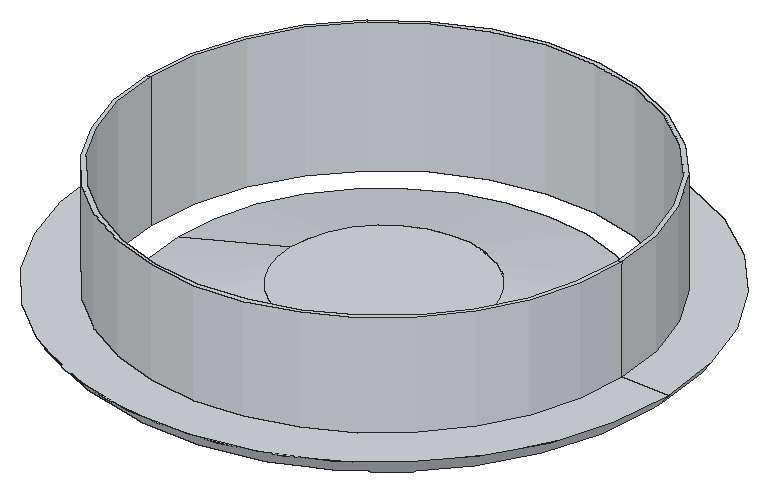
Revit family "Дифузор_круглий_витяжний", category Air Terminals, Revit 2020
Family settings
  Round Connector Dimension = Use Radius
  Part Type = Normal
  OmniClass Number = 23.75.70.21.27.11
  OmniClass Title = Diffusers, Registers, and Grilles
  Work Plane-Based = No
  Always vertical = Yes
  Cut with Voids When Loaded = No
  Shared = No
  Room Calculation Point = No
Parameters (values of type "ø250")
  Радиус подключения = Диаметр подключения / 2  # 125 mm
  Радиус вставки = Радиус подключения - 15 mm  # 110 mm
  Keynote = ""
  Отступ стрелки = Наружный радиус * 2 + 30 mm  # 330 mm
  Description = ""
  Наружный радиус = Радиус подключения + 25 mm  # 150 mm
  Model = ""
  Min Flow = 0.0 m³/h
  Max Flow = 170.0 m³/h
  Type Comments = ""
  Default Elevation = 0 mm
  Assembly Code = ""
  Manufacturer = ""
  Диаметр подключения = 250 mm
  ADSK_Расход воздуха [instance] = 0.0 m³/h
  ADSK_Потеря давления воздуха [instance] = 15.0 Pa
  ADSK_Наименование краткое = "Диффузор ø250мм."
  ADSK_Наименование = "Пластиковый диффузор ø250мм."
  ADSK_Масса_Текст = ""
  ADSK_Марка = ""
  ADSK_Количество = 1  # constant formula
  ADSK_Код изделия = ""
  ADSK_Завод-изготовитель = ""
  ADSK_Единица измерения = "шт."
Types (5, lengths in mm): name | Радиус подключения | Радиус вставки | Отступ стрелки | Наружный радиус | Диаметр подключения | ADSK_Наименование краткое | ADSK_Наименование | ADSK_Марка
  ø250 | 125 | 110 | 330 | 150 | 250 | "Диффузор ø250мм." | "Пластиковый диффузор ø250мм." | ""
  ø200 | 100 | 85 | 280 | 125 | 200 | "Диффузор ø200мм." | "Пластиковый диффузор ø200мм." | ""
  ø160 | 80 | 65 | 240 | 105 | 160 | "Диффузор ø160мм." | "Пластиковый диффузор ø160мм." | ""
  ø125 | 62.5 | 47.5 | 205 | 87.5 | 125 | "Диффузор ø125мм." | "Пластиковый диффузор ø125мм." | ""
  ø100 | 50 | 35 | 180 | 75 | 100 | "Диффузор ø100мм." | "Пластиковый диффузор ø100мм." | "KW-100"
Reference planes
  plane 1 "По центру (Вперед/Назад)": y = 0
  plane 2: z = 0
  plane 3 "По центру (Влево/Вправо)": x = 0
  plane 4 "Верх": z = 55
  plane 5 "низ": z = -16
Forms (mm)
  Revolve 1, solid, detail levels medium+fine
    sketch origin (-65, 0, 0) x (1, 0, 0) y (0, 0, 1)
      loop
        line (-60, -16) -> (-60, 55) -> (-62, 55) -> (-62, 0) -> (-87, 0)
        arc (-87, 0) -> (-75.4, -11.207) -> (-60, -16) r 34.892
      axis (65, 55) -> (65, -16)
    angle from 0 to 360
  Blend 2, solid, detail levels medium+fine
    base sketch origin (0, 0, -16) x (-1, 0, 0) y (0, -1, 0)
      loop
        circle (0, 0) r 110
    top sketch origin (0, 0, -16) x (-1, 0, 0) y (0, -1, 0)
      loop
        circle (0, 0) r 50
    from 0 to 16
Lines and regions (mm)
  model lines
    curve 1: circle (0, 0, 0) r 125 normal (0, 0, 1)
  model lines, detail levels coarse+medium
    curve 2: circle (0, 0, 0) r 150 normal (0, 0, 1)
Dimensions and locks
  level to plane 5 "низ" = 16 mm
  "Радиус подключения": Revolve 1 sketch curve to Revolve 1 sketch curve
  locked: Revolve 1 sketch curve to Revolve 1 sketch curve at 2
  "Радиус подключения": plane 3 "По центру (Влево/Вправо)" to Revolve 1
  locked: level to plane 4 "Верх" at 55
  locked: level to plane 5 "низ" at 16
  "Радиус вставки": radius of Blend 2 sketch curve
  "Радиус подключения": radius of curve 1
  "Наружный радиус": radius of curve 2
  aligned and locked: level to plane 2
  aligned: Revolve 1 sketch curve to plane 3 "По центру (Влево/Вправо)"
  aligned: plane 5 "низ" to Revolve 1 sketch curve
  aligned and locked: plane 4 "Верх" to Revolve 1 sketch curve
  aligned and locked: level to Revolve 1 sketch curve
  aligned and locked: Blend 2 to plane 5 "низ"
  aligned and locked: plane 3 "По центру (Влево/Вправо)" to nested 1
  aligned and locked: plane 1 "По центру (Вперед/Назад)" to nested 1
Automatic sketch dimensions
  plane 1 "По центру (Вперед/Назад)" to Blend 2 sketch curve = 0 mm  (x2)
  Blend 2 sketch curve to plane 3 "По центру (Влево/Вправо)" = 0 mm  (x2)
  curve 1 to curve 2 = 0 mm  (x2)
  plane 1 "По центру (Вперед/Назад)" to curve 2 = 0 mm
  curve 2 to plane 3 "По центру (Влево/Вправо)" = 0 mm
  Revolve 1 sketch curve to plane 5 "низ" = 0 mm
  Revolve 1 sketch curve to plane 3 "По центру (Влево/Вправо)" = 0 mm
  Revolve 1 sketch curve to Revolve 1 sketch curve = 25 mm
  level to Revolve 1 sketch curve = 18.81 mm
  Revolve 1 sketch curve to plane 5 "низ" = 32 mm
  plane 4 "Верх" to Revolve 1 sketch curve = 15 mm
  radius of Blend 2 sketch curve = 50 mm
Nested families
  nested 1: "ADSK_СтрелкиНаправлениеПотока_Четырехсторонние" at (0, 0, 0), type "Вытяжные"
Connectors
  hvac at (0, 0, 55), driven by "Радиус подключения", driven by "ADSK_Потеря давления воздуха", driven by "ADSK_Расход воздуха"
    settings: index 1, duct flow 0.0 m³/h, flow factor 0, pres drop 15.0 Pa, loss coef 0.035, conn angle 0.00°, conn width 304.8 mm, conn height 304.8 mm, conn diameter 250 mm, duct sys type 3, conn prof type 0, flow config 1, flow direction 2, loss method 4, conn ref index -1, conn util no, is conn primary yes, conn desc ""
Definition of nested family "ADSK_СтрелкиНаправлениеПотока_Четырехсторонние"
  Parameters (values of type "УГО Четырехсторонний диффузор")
    Ширина = 258 mm
    Расстояние до стрелки = Ширина / 4  # 64.5 mm
    Приток = no
    Длина стрелки = Расстояние до стрелки * 2  # 129 mm
    Вытяжка = not(Приток)  # yes
    Default Elevation = 0 mm
  Reference planes
    plane 1 "Передняя панель": y = 0
    plane 2: z = 0
    plane 3 "По центру (Влево/Вправо)": x = 0
    plane 4: y = 64.5
    plane 5: y = -64.5
    plane 6: through (611.716, 1492.077, 1200) normal (0.7071, -0.7071, 0)
    plane 7: x = 64.5
    plane 8: x = -64.5
    plane 9: y = 129
    plane 10: x = 129
    plane 11: y = -129
    plane 12: x = -129
    plane 13: x = -322.5
    plane 14: x = -193.5
    plane 15: x = 193.5
    plane 16: x = 322.5
    plane 17: y = 322.5
    plane 18: y = -193.5
    plane 19: y = -322.5
    plane 20: y = 193.5
  Lines and regions (mm)
    model lines, visible <- "Приток"
      curve 1: line (-193.5, 64.5, 0) -> (-193.5, -64.5, 0)
      curve 2: line (-193.5, -64.5, 0) -> (-322.5, 0, 0)
      curve 3: line (-322.5, 0, 0) -> (-193.5, 64.5, 0)
      curve 4: line (65.861, -193.5, 0) -> (-64.5, -193.5, 0)
      curve 5: line (193.5, 64.5, 0) -> (193.5, -64.5, 0)
      curve 6: line (64.5, 193.5, 0) -> (-64.5, 193.5, 0)
      curve 7: line (64.5, 193.5, 0) -> (0, 322.5, 0)
      curve 8: line (-64.5, 193.5, 0) -> (0, 322.5, 0)
      curve 9: line (193.5, -64.5, 0) -> (322.5, 0, 0)
      curve 10: line (322.5, 0, 0) -> (193.5, 64.5, 0)
      curve 11: line (-64.5, -193.5, 0) -> (0, -325.211, 0)
      curve 12: line (0, -325.211, 0) -> (65.861, -193.5, 0)
    model lines, visible <- "Вытяжка"
      curve 13: line (-322.5, 64.5, 0) -> (-322.5, -64.5, 0)
      curve 14: line (-322.5, -64.5, 0) -> (-193.5, 0, 0)
      curve 15: line (-193.5, 0, 0) -> (-322.5, 64.5, 0)
      curve 16: line (322.5, 64.5, 0) -> (322.5, -64.5, 0)
      curve 17: line (322.5, -64.5, 0) -> (193.5, 0, 0)
      curve 18: line (193.5, 0, 0) -> (322.5, 64.5, 0)
      curve 19: line (64.5, 322.5, 0) -> (-64.5, 322.5, 0)
      curve 20: line (64.5, 322.5, 0) -> (0, 193.5, 0)
      curve 21: line (-64.5, 322.5, 0) -> (0, 193.5, 0)
      curve 22: line (64.5, -322.5, 0) -> (-64.5, -322.5, 0)
      curve 23: line (64.5, -322.5, 0) -> (0, -193.5, 0)
      curve 24: line (-64.5, -322.5, 0) -> (0, -193.5, 0)
  Dimensions and locks
    "Ширина": plane 9 to plane 11
    "Ширина": plane 12 to plane 10
    "Длина стрелки": plane 4 to plane 5
    "Длина стрелки": plane 8 to plane 7
    equal spacing: plane 8, plane 3 "По центру (Влево/Вправо)", plane 7
    equal spacing: plane 12, plane 3 "По центру (Влево/Вправо)", plane 10
    equal spacing: plane 4, plane 1 "Передняя панель", plane 5
    "Расстояние до стрелки": plane 14 to plane 12
    "Длина стрелки": plane 13 to plane 14
    "Длина стрелки": plane 19 to plane 18
    "Расстояние до стрелки": plane 18 to plane 11
    plane 8 to plane 7 = 129 mm
    "Расстояние до стрелки": plane 10 to plane 15
    "Длина стрелки": plane 15 to plane 16
    plane 4 to plane 5 = 129 mm
    "Расстояние до стрелки": plane 20 to plane 9
    "Длина стрелки": plane 17 to plane 20
    equal spacing: plane 9, plane 1 "Передняя панель", plane 11
    aligned and locked: level to plane 2
    aligned and locked: plane 4 to curve 1
    aligned and locked: plane 5 to curve 2
    aligned and locked: plane 14 to curve 1
    aligned and locked: plane 13 to curve 3
    aligned and locked: plane 20 to curve 6
    aligned and locked: plane 17 to curve 8
    aligned and locked: plane 8 to curve 8
    aligned and locked: curve 5 to plane 15
    aligned and locked: curve 4 to plane 18
  Automatic sketch dimensions
    curve 19 to plane 8 = 0 mm
    curve 4 to plane 8 = 0 mm
    curve 24 to plane 8 = 0 mm
    curve 11 to plane 3 "По центру (Влево/Вправо)" = 0 mm
    curve 8 to plane 3 "По центру (Влево/Вправо)" = 0 mm
    curve 23 to plane 3 "По центру (Влево/Вправо)" = 0 mm
    curve 20 to plane 3 "По центру (Влево/Вправо)" = 0 mm
    curve 24 to plane 3 "По центру (Влево/Вправо)" = 0 mm
    curve 23 to plane 7 = 0 mm
    curve 7 to plane 7 = 0 mm
    curve 20 to plane 7 = 0 mm
    curve 17 to plane 5 = 0 mm
    curve 17 to plane 16 = 0 mm
    plane 19 to curve 23 = 0 mm
    curve 5 to plane 5 = 0 mm
    curve 13 to plane 5 = 0 mm
    plane 1 "Передняя панель" to curve 2 = 0 mm
    plane 1 "Передняя панель" to curve 10 = 0 mm
    plane 1 "Передняя панель" to curve 14 = 0 mm
    plane 1 "Передняя панель" to curve 17 = 0 mm
    curve 15 to plane 4 = 0 mm
    curve 16 to plane 4 = 0 mm
    curve 5 to plane 4 = 0 mm
    plane 7 to curve 12 = 1.361 mm
    plane 19 to curve 11 = 2.711 mm
